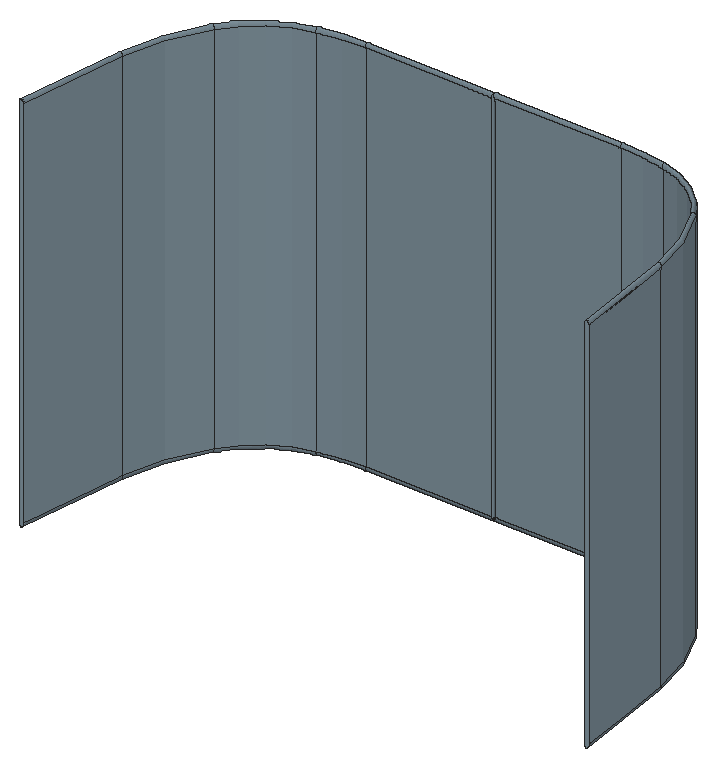
Revit family "FU_Panel_Sandler_KERN 1030PC", category Furniture, Revit 2022
Family settings
  OmniClass Number = 23.40.20.00
  OmniClass Title = General Furniture and Specialties
  Work Plane-Based = No
  Always vertical = Yes
  Cut with Voids When Loaded = No
  Render Appearance Source = Family Geometry
  Shared = No
  Room Calculation Point = No
Parameters (values of type "Kern 1030PC")
  Width = 1620 mm
  URL = "https://www.sandlerseating.com/product/kern-1030pc/"
  Panel [instance] = Fabric - Mainline Flax - Epping MLF51
  Model = "Kern 1030PC"
  Manufacturer = "Sandler"
  Height = 1260 mm
  Description = "Three-sided privacy screen for two-seat Kern sofas."
  Depth = 685 mm
  Default Elevation = 0 mm
Reference planes
  plane 1 "Center (Front/Back)": y = 0
  plane 2: z = 0
  plane 3 "Center (Left/Right)": x = 0
  plane 4 "Right": x = -810
  plane 5 "Left": x = 810
  plane 6 "Back": y = 379
  plane 7 "Front": y = -306
  plane 8 "Height": z = 1260
  plane 9 "Elevation": z = 170
Forms (mm)
  Sweep 1, solid, material "Fabric - Mainline Flax - Epping MLF51" <- "Panel"
    path origin (0, 0, 170) x (-1, 0, 0) y (0, -1, 0)
      loop
        line (0, -379.05) -> (362.886, -379.05)
        arc (362.886, -379.05) -> (429.307, -375.479) -> (494.963, -364.809) r 619.594
        arc (494.963, -364.809) -> (605.736, -315.926) -> (688.592, -227.637) r 303.571
        arc (688.592, -227.637) -> (741.675, -118.053) -> (771.503, 0) r 599.071
        arc (771.503, 0) -> (792.323, 152.802) -> (810, 306) r 7509.815
    profile "Pro_Kern_Panel : Pro_Kern_Panel" origin (-429.307, 375.479, 170) x (0.107201, -0.994237, 0) y (0, 0, 1)
      loop
        line (0, 1079) -> (0, 11)
        spline (0, 11) -> (0.187, 8.153) -> (0.737, 5.5) -> (1.611, 3.222) -> (2.75, 1.474) -> (4.076, 0.375) -> (5.5, 0) -> (6.924, 0.375) -> (8.25, 1.474) -> (9.389, 3.222) -> (10.263, 5.5) -> (10.813, 8.153) -> (11, 11)
        line (11, 11) -> (11, 1079)
        spline (11, 1079) -> (10.813, 1081.847) -> (10.263, 1084.5) -> (9.389, 1086.778) -> (8.25, 1088.526) -> (6.924, 1089.625) -> (5.5, 1090) -> (4.076, 1089.625) -> (2.75, 1088.526) -> (1.611, 1086.778) -> (0.737, 1084.5) -> (0.187, 1081.847) -> (0, 1079)
  Sweep 2, void
    path origin (0, -306, 0) x (-1, 0, 0) y (0, 0, 1)
      loop
        line (810, 155) -> (810, 1275)
    profile "Pro_edgeCut_6mm_alt : Pro_edgeCut_6mm_alt" origin (-810, -306, 715) x (1, 0, 0) y (0, 1, 0)
      loop
        arc (0.134, 5.828) -> (-0.123, 6.45) -> (-0.725, 6.751) r 0.961
        line (-0.725, 6.751) -> (-3.814, 7.076) -> (-4.654, -0.915) -> (15.236, -3.006) -> (16.076, 4.985) -> (12.997, 5.309)
        arc (12.997, 5.309) -> (12.338, 5.138) -> (11.952, 4.578) r 0.971
        arc (11.952, 4.578) -> (5.5, 0.064) -> (0.134, 5.828) r 6
  Sweep 3, void
    path origin (0, 379, 0) x (-1, 0, 0) y (0, 0, 1)
      loop
        line (0, 155) -> (0, 1275)
    profile "Pro_edgeCut_6mm_alt : Pro_edgeCut_6mm_alt" origin (0, 379, 715) x (1, 0, 0) y (0, 1, 0)
      loop
        arc (-5.172, 0.439) -> (0, -5.5) -> (-5.164, -11.445) r 6
        arc (-5.164, -11.445) -> (-5.762, -11.77) -> (-6, -12.407) r 0.971
        line (-6, -12.407) -> (-6, -15.504) -> (2.035, -15.504) -> (2.035, 4.496) -> (-6, 4.496) -> (-6, 1.39)
        arc (-6, 1.39) -> (-5.764, 0.76) -> (-5.172, 0.439) r 0.961
  Sweep 4, solid, material "Fabric - Mainline Flax - Epping MLF51" <- "Panel"
    path origin (0, 0, 170) x (1, 0, 0) y (0, 1, 0)
      loop
        line (0, 379.05) -> (362.886, 379.05)
        arc (362.886, 379.05) -> (429.307, 375.479) -> (494.963, 364.809) r 619.594
        arc (494.963, 364.809) -> (605.736, 315.926) -> (688.592, 227.637) r 303.571
        arc (688.592, 227.637) -> (741.675, 118.053) -> (771.503, 0) r 599.071
        arc (771.503, 0) -> (792.323, -152.802) -> (810, -306) r 7509.815
    profile "Pro_Kern_Panel : Pro_Kern_Panel" origin (429.307, 375.479, 170) x (0.107201, 0.994237, 0) y (0, 0, 1)
      loop
        spline (0, 1079) -> (-0.187, 1081.847) -> (-0.737, 1084.5) -> (-1.611, 1086.778) -> (-2.75, 1088.526) -> (-4.076, 1089.625) -> (-5.5, 1090) -> (-6.924, 1089.625) -> (-8.25, 1088.526) -> (-9.389, 1086.778) -> (-10.263, 1084.5) -> (-10.813, 1081.847) -> (-11, 1079)
        line (-11, 1079) -> (-11, 11)
        spline (-11, 11) -> (-10.813, 8.153) -> (-10.263, 5.5) -> (-9.389, 3.222) -> (-8.25, 1.474) -> (-6.924, 0.375) -> (-5.5, 0) -> (-4.076, 0.375) -> (-2.75, 1.474) -> (-1.611, 3.222) -> (-0.737, 5.5) -> (-0.187, 8.153) -> (0, 11)
        line (0, 11) -> (0, 1079)
  Sweep 5, void
    path origin (0, 379, 0) x (1, 0, 0) y (0, 0, -1)
      loop
        line (0, -155) -> (0, -1275)
    profile "Pro_edgeCut_6mm_alt : Pro_edgeCut_6mm_alt" origin (0, 379, 715) x (1, 0, 0) y (0, 1, 0)
      loop
        arc (5.172, 0.439) -> (5.764, 0.76) -> (6, 1.39) r 0.961
        line (6, 1.39) -> (6, 4.496) -> (-2.035, 4.496) -> (-2.035, -15.504) -> (6, -15.504) -> (6, -12.407)
        arc (6, -12.407) -> (5.762, -11.77) -> (5.164, -11.445) r 0.971
        arc (5.164, -11.445) -> (0, -5.5) -> (5.172, 0.439) r 6
  Sweep 6, void
    path origin (0, -306, 0) x (1, 0, 0) y (0, 0, -1)
      loop
        line (810, -155) -> (810, -1275)
    profile "Pro_edgeCut_6mm_alt : Pro_edgeCut_6mm_alt" origin (810, -306, 715) x (1, 0, 0) y (0, 1, 0)
      loop
        arc (-11.947, 4.586) -> (-12.328, 5.142) -> (-12.98, 5.31) r 0.961
        line (-12.98, 5.31) -> (-16.069, 4.986) -> (-15.229, -3.005) -> (4.662, -0.915) -> (3.822, 7.076) -> (0.742, 6.753)
        arc (0.742, 6.753) -> (0.133, 6.449) -> (-0.127, 5.821) r 0.971
        arc (-0.127, 5.821) -> (-5.5, 0.064) -> (-11.947, 4.586) r 6
Cuts and joins
  Sweep 2, Sweep 3, Sweep 6 cuts Sweep 1
  Sweep 5, Sweep 6 cuts Sweep 4
Dimensions and locks
  plane 6 "Back" to plane 1 "Center (Front/Back)" to plane 7 "Front" = 379 mm, 306 mm
  "Depth": plane 6 "Back" to plane 7 "Front"
  equal spacing: plane 4 "Right", plane 3 "Center (Left/Right)", plane 5 "Left"
  "Width": plane 4 "Right" to plane 5 "Left"
  "Height": plane 8 "Height" to level
  aligned and locked: level to plane 2
Automatic sketch dimensions
  Sweep 1 sketch curve to plane 3 "Center (Left/Right)" = 0 mm
  Sweep 1 sketch curve to plane 4 "Right" = 0 mm
  Sweep 1 sketch curve to plane 7 "Front" = 784.2 mm
  plane 5 "Left" to Sweep 1 sketch curve = 5848.758 mm
  Sweep 1 sketch curve to plane 3 "Center (Left/Right)" = 178.778 mm
  plane 7 "Front" to Sweep 1 sketch curve = 65.456 mm
  Sweep 1 sketch curve to Sweep 1 sketch curve = 184.108 mm
  Sweep 1 sketch curve to plane 1 "Center (Front/Back)" = 68.216 mm
  Sweep 1 sketch curve to Sweep 1 sketch curve = 251.473 mm
  plane 6 "Back" to Sweep 1 sketch curve = 0.05 mm
  plane 1 "Center (Front/Back)" to Sweep 1 sketch curve = 86.967 mm
  Sweep 1 sketch curve to Sweep 1 sketch curve = 0 mm  (x3)
  Sweep 2 sketch curve to plane 4 "Right" = 0 mm
  Sweep 2 sketch curve to plane 9 "Elevation" = 15 mm
  plane 8 "Height" to Sweep 2 sketch curve = 15 mm
  Sweep 3 sketch curve to plane 3 "Center (Left/Right)" = 0 mm
  Sweep 3 sketch curve to plane 9 "Elevation" = 15 mm
  plane 8 "Height" to Sweep 3 sketch curve = 15 mm
  Sweep 4 sketch curve to plane 3 "Center (Left/Right)" = 0 mm
  Sweep 4 sketch curve to plane 5 "Left" = 0 mm
  Sweep 4 sketch curve to plane 7 "Front" = 784.2 mm
  Sweep 4 sketch curve to plane 4 "Right" = 5848.758 mm
  plane 3 "Center (Left/Right)" to Sweep 4 sketch curve = 178.778 mm
  plane 7 "Front" to Sweep 4 sketch curve = 65.456 mm
  Sweep 4 sketch curve to Sweep 4 sketch curve = 184.108 mm
  Sweep 4 sketch curve to plane 1 "Center (Front/Back)" = 68.216 mm
  Sweep 4 sketch curve to Sweep 4 sketch curve = 251.473 mm
  plane 1 "Center (Front/Back)" to Sweep 4 sketch curve = 86.967 mm
  plane 6 "Back" to Sweep 4 sketch curve = 0.05 mm
  Sweep 4 sketch curve to Sweep 4 sketch curve = 0 mm  (x3)
  Sweep 5 sketch curve to plane 3 "Center (Left/Right)" = 0 mm
  plane 8 "Height" to Sweep 5 sketch curve = 15 mm
  Sweep 5 sketch curve to plane 9 "Elevation" = 15 mm
  Sweep 6 sketch curve to plane 5 "Left" = 0 mm
  plane 8 "Height" to Sweep 6 sketch curve = 15 mm
  Sweep 6 sketch curve to plane 9 "Elevation" = 15 mm
